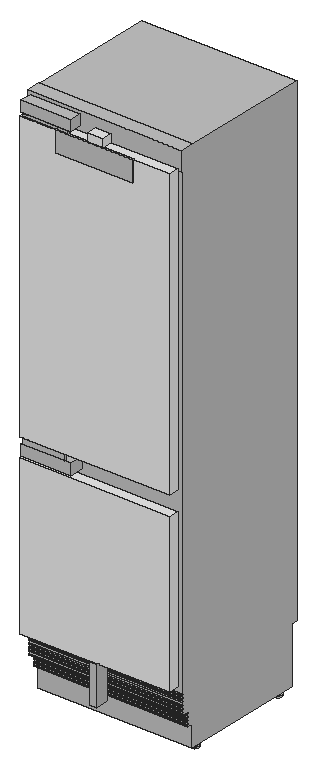
Revit family "FP-Revit18-RS2484WLUK1-FridgeFreezer-0-CA-US-90001068A", category Specialty Equipment, Revit 2020 (continued)
Definition of nested family "Handle Professional Round - Vertical"
  Automatic sketch dimensions
    Sweep 4 sketch curve to profile plane = 0 mm  (x2)
    Sweep 4 sketch curve to profile plane = 3 mm  (x2)
    Sweep 5 sketch curve to profile plane = 0 mm  (x2)
    Sweep 5 sketch curve to profile plane = 3 mm  (x2)
    Extrusion 6 sketch curve to plane 3 "Center (Left/Right)" = 0 mm
    Extrusion 6 sketch curve to plane 3 "Center (Left/Right)" = 18.5 mm
    plane 1 "Center (Front/Back)" to Extrusion 6 sketch curve = 41.7 mm
    Extrusion 6 sketch curve to Extrusion 6 sketch curve = 41.7 mm
    Extrusion 7 sketch curve to plane 3 "Center (Left/Right)" = 0 mm
    Extrusion 7 sketch curve to plane 3 "Center (Left/Right)" = 18.5 mm
    plane 1 "Center (Front/Back)" to Extrusion 7 sketch curve = 41.7 mm
    Extrusion 7 sketch curve to Extrusion 7 sketch curve = 41.7 mm
    radius of Extrusion 3 sketch curve = 12.7 mm
Definition of nested family "Handle Professional Round Flush - Vertical"
  Parameters (values of type "AHP3-RD84 - Professional round flush handle (Vertical) 677mm")
    URL = "www.fisherpaykel.com"
    Material - Handle = none
    Manufacturer = "Fisher & Paykel Appliances"
    Handle - Length = 677 mm
    Default Elevation = 0 mm
  Types (4): name
    (no name)
    AHP3RD2484W - Professional round flush handle (1 of 2) (Vertical) 677mm
    AHP3RD3084W - Professional round flush handle (1 of 2) (Vertical) 677mm
    AHP3-RD84 - Professional round flush handle (Vertical) 677mm
  Reference planes
    plane 1 "Center (Front/Back)": y = 0
    plane 2: z = 0
    plane 3 "Center (Left/Right)": x = 0
    plane 4 "Top": z = 338.5
    plane 5 "Bottom": z = -338.5
    plane 6 "Top Standoff": z = 303.5
    plane 7 "Bottom Standoff": z = -303.5
  Forms (mm)
    Extrusion 1, solid, material <- "Material - Handle", detail levels fine
      sketch origin (0, 0, 0) x (1, 0, 0) y (0, 1, 0)
        loop
          arc (-12.817, -46.665) -> (0, -58.016) -> (12.817, -46.665) r 12.912
          line (12.817, -46.665) -> (18.5, 0) -> (-18.5, 0) -> (-12.817, -46.665)
      from 303.5 to 338.5
    Extrusion 2, solid, material <- "Material - Handle", detail levels fine
      sketch origin (0, 0, 0) x (1, 0, 0) y (0, 1, 0)
        loop
          arc (-12.817, -46.665) -> (0, -58.016) -> (12.817, -46.665) r 12.912
          line (12.817, -46.665) -> (18.5, 0) -> (-18.5, 0) -> (-12.817, -46.665)
      from -338.5 to -303.5
    Extrusion 3, solid, material <- "Material - Handle"
      sketch origin (0, 0, 0) x (1, 0, 0) y (0, 1, 0)
        loop
          circle (0, -45.116) r 12.7
      from -303.5 to 303.5
    Sweep 4, void
      path in 3D
        loop
          line (18.5, 0, 338.5) -> (12.817, -46.665, 338.5)
          arc (12.817, -46.665, 338.5) -> (0, -58.016, 338.5) -> (-12.817, -46.665, 338.5) r 12.912
          line (-12.817, -46.665, 338.5) -> (-18.5, 0, 338.5)
      profile origin (0, -58.016, 338.5) x (0, -1, 0) y (0, 0, 1)
        loop
          line (0, 0) -> (-1.5, 0) -> (0, -1.5) -> (0, 0)
    Sweep 5, void
      path in 3D
        loop
          line (-18.5, 0, -338.5) -> (-12.817, -46.665, -338.5)
          arc (-12.817, -46.665, -338.5) -> (0, -58.016, -338.5) -> (12.817, -46.665, -338.5) r 12.912
          line (12.817, -46.665, -338.5) -> (18.5, 0, -338.5)
      profile origin (0, -58.016, -338.5) x (0, -1, 0) y (0, 0, -1)
        loop
          line (0, 0) -> (-1.5, 0) -> (0, -1.5) -> (0, 0)
    Extrusion 6, solid, material <- "Material - Handle", detail levels coarse+medium
      sketch origin (0, 0, 0) x (1, 0, 0) y (0, 1, 0)
        loop
          arc (-12.817, -46.665) -> (0, -58.016) -> (12.817, -46.665) r 12.912
          line (12.817, -46.665) -> (18.5, 0) -> (-18.5, 0) -> (-12.817, -46.665)
      from 303.5 to 338.5
    Extrusion 7, solid, material <- "Material - Handle", detail levels coarse+medium
      sketch origin (0, 0, 0) x (1, 0, 0) y (0, 1, 0)
        loop
          arc (-12.817, -46.665) -> (0, -58.016) -> (12.817, -46.665) r 12.912
          line (12.817, -46.665) -> (18.5, 0) -> (-18.5, 0) -> (-12.817, -46.665)
      from -338.5 to -303.5
  Cuts and joins
    Sweep 4 cuts Extrusion 1
    Sweep 5 cuts Extrusion 2
  Lines and regions (mm)
    sketch lines
      curve 1: arc (12.817, -46.665, 338.5) -> (0, -58.016, 338.5) -> (-12.817, -46.665, 338.5) r 12.912
      curve 2: line (12.817, -46.665, 338.5) -> (18.5, 0, 338.5)
      curve 3: line (-18.5, 0, 338.5) -> (-12.817, -46.665, 338.5)
      curve 4: arc (-12.817, -46.665, -338.5) -> (0, -58.016, -338.5) -> (12.817, -46.665, -338.5) r 12.912
      curve 5: line (18.5, 0, -338.5) -> (12.817, -46.665, -338.5)
      curve 6: line (-12.817, -46.665, -338.5) -> (-18.5, 0, -338.5)
  Dimensions and locks
    equal spacing: plane 4 "Top", level, plane 5 "Bottom"
    "Handle - Length": plane 4 "Top" to plane 5 "Bottom"
    aligned and locked: level to plane 2
    aligned and locked: plane 4 "Top" to Extrusion 1
    aligned and locked: Extrusion 1 to plane 6 "Top Standoff"
    aligned and locked: Extrusion 2 to plane 5 "Bottom"
    aligned and locked: plane 1 "Center (Front/Back)" to Extrusion 2 sketch curve
    aligned and locked: plane 6 "Top Standoff" to Extrusion 3
    aligned and locked: Extrusion 3 to plane 7 "Bottom Standoff"
  Automatic sketch dimensions
    plane 1 "Center (Front/Back)" to Extrusion 1 sketch curve = 0 mm
    Extrusion 1 sketch curve to plane 3 "Center (Left/Right)" = 0 mm
    Extrusion 1 sketch curve to plane 3 "Center (Left/Right)" = 12.817 mm
    Extrusion 1 sketch curve to plane 3 "Center (Left/Right)" = 18.5 mm
    plane 3 "Center (Left/Right)" to Extrusion 1 sketch curve = 12.817 mm
    plane 3 "Center (Left/Right)" to Extrusion 1 sketch curve = 18.5 mm
    plane 1 "Center (Front/Back)" to Extrusion 1 sketch curve = 45.104 mm
    Extrusion 1 sketch curve to Extrusion 1 sketch curve = 1.561 mm
    Extrusion 2 sketch curve to plane 3 "Center (Left/Right)" = 0 mm
    Extrusion 2 sketch curve to plane 3 "Center (Left/Right)" = 12.817 mm
    Extrusion 2 sketch curve to plane 3 "Center (Left/Right)" = 18.5 mm
    plane 3 "Center (Left/Right)" to Extrusion 2 sketch curve = 12.817 mm
    plane 3 "Center (Left/Right)" to Extrusion 2 sketch curve = 18.5 mm
    plane 1 "Center (Front/Back)" to Extrusion 2 sketch curve = 45.104 mm
    Extrusion 2 sketch curve to Extrusion 2 sketch curve = 1.561 mm
    Extrusion 3 sketch curve to plane 3 "Center (Left/Right)" = 0 mm
    plane 1 "Center (Front/Back)" to Extrusion 3 sketch curve = 45.116 mm
    Sweep 4 sketch curve to profile plane = 0 mm  (x2)
    profile plane to Sweep 4 sketch curve = 1.5 mm
    Sweep 4 sketch curve to profile plane = 1.5 mm
    profile plane to Sweep 5 sketch curve = 0 mm
    Sweep 5 sketch curve to profile plane = 0 mm
    profile plane to Sweep 5 sketch curve = 1.5 mm
    Sweep 5 sketch curve to profile plane = 1.5 mm
    Extrusion 6 sketch curve to plane 3 "Center (Left/Right)" = 0 mm
    Extrusion 6 sketch curve to plane 3 "Center (Left/Right)" = 12.817 mm
    Extrusion 6 sketch curve to plane 3 "Center (Left/Right)" = 18.5 mm
    plane 3 "Center (Left/Right)" to Extrusion 6 sketch curve = 12.817 mm
    plane 3 "Center (Left/Right)" to Extrusion 6 sketch curve = 18.5 mm
    plane 1 "Center (Front/Back)" to Extrusion 6 sketch curve = 46.665 mm
    Extrusion 6 sketch curve to Extrusion 6 sketch curve = 1.561 mm
    Extrusion 6 sketch curve to Extrusion 6 sketch curve = 46.665 mm
    Extrusion 7 sketch curve to plane 3 "Center (Left/Right)" = 0 mm
    Extrusion 7 sketch curve to plane 3 "Center (Left/Right)" = 12.817 mm
    Extrusion 7 sketch curve to plane 3 "Center (Left/Right)" = 18.5 mm
    plane 3 "Center (Left/Right)" to Extrusion 7 sketch curve = 12.817 mm
    plane 3 "Center (Left/Right)" to Extrusion 7 sketch curve = 18.5 mm
    plane 1 "Center (Front/Back)" to Extrusion 7 sketch curve = 46.665 mm
    Extrusion 7 sketch curve to Extrusion 7 sketch curve = 1.561 mm
    Extrusion 7 sketch curve to Extrusion 7 sketch curve = 46.665 mm
    radius of Extrusion 3 sketch curve = 12.7 mm
Definition of nested family "Handle Professional Square - Vertical"
  Parameters (values of type "AHV2RS3272A - Professional square handle (1 of 2) (Vertical) 727mm")
    URL = "www.fisherpaykel.com"
    Material - Handle = none
    Manufacturer = "Fisher & Paykel Appliances"
    Handle - Length = 727 mm
    Default Elevation = 0 mm
  Types (5, lengths in mm): name | Handle - Length
    (no name) | 727
    AHV2RD2484W - Professional square handle (1 of 2) (Vertical) 727mm | 727
    AHV2RD3084W - Professional square handle (1 of 2) (Vertical) 727mm | 727
    AHV2-RD84 - Professional square handle (Vertical) 792mm | 792
    AHV2RS3272A - Professional square handle (1 of 2) (Vertical) 727mm | 727
  Reference planes
    plane 1 "Center (Front/Back)": y = 0
    plane 2: z = 0
    plane 3 "Center (Left/Right)": x = 0
    plane 4 "Top": z = 363.5
    plane 5 "Bottom": z = -363.5
    plane 6 "Top Standoff": z = 313.5
    plane 7 "Bottom Standoff": z = -313.5
  Forms (mm)
    Extrusion 1, solid, material <- "Material - Handle", detail levels fine
      sketch origin (0, 0, 0) x (0, 1, 0) y (0, 0, 1)
        loop
          line (0, 363.5) -> (-40, 363.5)
          arc (-40, 363.5) -> (-47.071, 360.571) -> (-50, 353.5) r 10
          line (-50, 353.5) -> (-50, 313.5) -> (0, 313.5) -> (0, 363.5)
        loop
          line (0, -363.5) -> (0, -313.5) -> (-50, -313.5) -> (-50, -353.5)
          arc (-50, -353.5) -> (-47.071, -360.571) -> (-40, -363.5) r 10
          line (-40, -363.5) -> (0, -363.5)
      from -17.5 to 17.5
    Sweep 2, void
      path in 3D
        loop
          line (17.5, 0, 363.5) -> (17.5, -40, 363.5)
          arc (17.5, -40, 363.5) -> (17.5, -47.071, 360.571) -> (17.5, -50, 353.5) r 10
          line (17.5, -50, 353.5) -> (17.5, -50, 313.5)
      profile origin (17.5, -20, 363.5) x (1, 0, 0) y (0, 0, 1)
        loop
          line (0, 0) -> (-2.5, 0) -> (0, -2.5) -> (0, 0)
    Sweep 3, void
      path in 3D
        loop
          line (-17.5, -50, 313.5) -> (-17.5, -50, 353.5)
          arc (-17.5, -50, 353.5) -> (-17.5, -47.071, 360.571) -> (-17.5, -40, 363.5) r 10
          line (-17.5, -40, 363.5) -> (-17.5, 0, 363.5)
      profile origin (-17.5, -20, 363.5) x (-1, 0, 0) y (0, 0, 1)
        loop
          line (0, 0) -> (-2.5, 0) -> (0, -2.5) -> (0, 0)
    Sweep 4, void
      path in 3D
        loop
          line (17.5, -50, -313.5) -> (17.5, -50, -353.5)
          arc (17.5, -50, -353.5) -> (17.5, -47.071, -360.571) -> (17.5, -40, -363.5) r 10
          line (17.5, -40, -363.5) -> (17.5, 0, -363.5)
      profile origin (17.5, -20, -363.5) x (1, 0, 0) y (0, 0, -1)
        loop
          line (0, 0) -> (-2.5, 0) -> (0, -2.5) -> (0, 0)
    Sweep 5, void
      path in 3D
        loop
          line (-17.5, 0, -363.5) -> (-17.5, -40, -363.5)
          arc (-17.5, -40, -363.5) -> (-17.5, -47.071, -360.571) -> (-17.5, -50, -353.5) r 10
          line (-17.5, -50, -353.5) -> (-17.5, -50, -313.5)
      profile origin (-17.5, -20, -363.5) x (-1, 0, 0) y (0, 0, -1)
        loop
          line (0, 0) -> (-2.5, 0) -> (0, -2.5) -> (0, 0)
    Extrusion 6, solid, material <- "Material - Handle", detail levels fine
      sketch origin (0, 0, 0) x (1, 0, 0) y (0, 1, 0)
        loop
          line (-15.5, -36.737) -> (-15.5, -46.422) -> (-14.172, -47.75) -> (14.172, -47.75) -> (15.5, -46.422) -> (15.5, -36.737)
          arc (15.5, -36.737) -> (0, -32.25) -> (-15.5, -36.737) r 29.013
      from -313.5 to 313.5
    Extrusion 7, solid, material <- "Material - Handle", detail levels coarse+medium
      sketch origin (0, 0, 0) x (0, 1, 0) y (0, 0, 1)
        loop
          line (0, 363.5) -> (-40, 363.5)
          arc (-40, 363.5) -> (-47.071, 360.571) -> (-50, 353.5) r 10
          line (-50, 353.5) -> (-50, -353.5)
          arc (-50, -353.5) -> (-47.071, -360.571) -> (-40, -363.5) r 10
          line (-40, -363.5) -> (0, -363.5) -> (0, -313.5) -> (-31.95, -313.5) -> (-31.95, 313.5) -> (0, 313.5) -> (0, 363.5)
      from -17.5 to 17.5
  Cuts and joins
    Sweep 2, Sweep 3, Sweep 4, Sweep 5 cuts Extrusion 1
  Lines and regions (mm)
    sketch lines
      curve 1: line (17.5, 0, 363.5) -> (17.5, -40, 363.5)
      curve 2: arc (17.5, -50, 353.5) -> (17.5, -47.071, 360.571) -> (17.5, -40, 363.5) r 10
      curve 3: line (17.5, -50, 353.5) -> (17.5, -50, 313.5)
      curve 4: line (-17.5, -40, 363.5) -> (-17.5, 0, 363.5)
      curve 5: arc (-17.5, -40, 363.5) -> (-17.5, -47.071, 360.571) -> (-17.5, -50, 353.5) r 10
      curve 6: line (-17.5, -50, 313.5) -> (-17.5, -50, 353.5)
      curve 7: line (17.5, -40, -363.5) -> (17.5, 0, -363.5)
      curve 8: arc (17.5, -40, -363.5) -> (17.5, -47.071, -360.571) -> (17.5, -50, -353.5) r 10
      curve 9: line (17.5, -50, -313.5) -> (17.5, -50, -353.5)
      curve 10: line (-17.5, 0, -363.5) -> (-17.5, -40, -363.5)
      curve 11: arc (-17.5, -50, -353.5) -> (-17.5, -47.071, -360.571) -> (-17.5, -40, -363.5) r 10
      curve 12: line (-17.5, -50, -353.5) -> (-17.5, -50, -313.5)
  Dimensions and locks
    equal spacing: plane 4 "Top", level, plane 5 "Bottom"
    "Handle - Length": plane 4 "Top" to plane 5 "Bottom"
    plane 7 "Bottom Standoff" to plane 5 "Bottom" = 50 mm
    plane 4 "Top" to plane 6 "Top Standoff" = 50 mm
    aligned and locked: level to plane 2
    aligned and locked: plane 4 "Top" to Extrusion 1 sketch curve
    aligned and locked: plane 5 "Bottom" to Extrusion 1 sketch curve
    aligned and locked: Extrusion 1 sketch curve to plane 1 "Center (Front/Back)"
    aligned and locked: plane 1 "Center (Front/Back)" to Extrusion 1 sketch curve
    aligned and locked: plane 6 "Top Standoff" to Extrusion 1 sketch curve
    aligned and locked: plane 7 "Bottom Standoff" to Extrusion 1 sketch curve
    aligned and locked: plane 6 "Top Standoff" to Extrusion 6
    aligned and locked: Extrusion 6 to plane 7 "Bottom Standoff"
    aligned and locked: plane 4 "Top" to Extrusion 7 sketch curve
    aligned and locked: plane 6 "Top Standoff" to Extrusion 7 sketch curve
    aligned and locked: plane 1 "Center (Front/Back)" to Extrusion 7 sketch curve
    aligned and locked: plane 7 "Bottom Standoff" to Extrusion 7 sketch curve
    aligned and locked: plane 5 "Bottom" to Extrusion 7 sketch curve
    aligned and locked: Extrusion 7 sketch curve to plane 1 "Center (Front/Back)"
  Automatic sketch dimensions
    Sweep 2 sketch curve to profile plane = 0 mm
    profile plane to Sweep 2 sketch curve = 0 mm
    profile plane to Sweep 2 sketch curve = 2.5 mm
    Sweep 2 sketch curve to profile plane = 2.5 mm
    Sweep 3 sketch curve to profile plane = 0 mm  (x2)
    profile plane to Sweep 3 sketch curve = 2.5 mm
    Sweep 3 sketch curve to profile plane = 2.5 mm
    Sweep 4 sketch curve to profile plane = 0 mm
    profile plane to Sweep 4 sketch curve = 0 mm
    profile plane to Sweep 4 sketch curve = 2.5 mm
    Sweep 4 sketch curve to profile plane = 2.5 mm
    Sweep 5 sketch curve to profile plane = 0 mm  (x2)
    profile plane to Sweep 5 sketch curve = 2.5 mm
    Sweep 5 sketch curve to profile plane = 2.5 mm
    plane 1 "Center (Front/Back)" to Extrusion 1 sketch curve = 40 mm  (x2)
    Extrusion 1 sketch curve to Extrusion 1 sketch curve = 10 mm  (x2)
    Extrusion 6 sketch curve to plane 3 "Center (Left/Right)" = 0 mm
    Extrusion 6 sketch curve to Extrusion 6 sketch curve = 1.328 mm  (x4)
    plane 1 "Center (Front/Back)" to Extrusion 6 sketch curve = 61.263 mm
    Extrusion 6 sketch curve to Extrusion 6 sketch curve = 13.513 mm
    Extrusion 6 sketch curve to Extrusion 6 sketch curve = 9.684 mm  (x2)
    Extrusion 6 sketch curve to plane 3 "Center (Left/Right)" = 14.172 mm
    plane 1 "Center (Front/Back)" to Extrusion 7 sketch curve = 31.95 mm
    plane 1 "Center (Front/Back)" to Extrusion 7 sketch curve = 40 mm  (x2)
    Extrusion 7 sketch curve to plane 4 "Top" = 10 mm
Definition of nested family "Handle Contemporary Round - Horizontal"
  Parameters (values of type "AHSRS80A - Contemporary round handle (2 of 2) (Horizontal) 646mm")
    URL = "www.fisherpaykel.com"
    Product - Width = 646 mm
    Material - Handle = none
    Manufacturer = "Fisher & Paykel Appliances"
    Default Elevation = 0 mm
  Types (5, lengths in mm): name | Product - Width
    (no name) | 646
    AHSRD2484W - Contemporary round handle (2 of 2) (Horizontal) 494mm | 494
    AHSRD3084W - Contemporary round handle (2 of 2) (Horizontal) 646mm | 646
    AHSRS3272A - Contemporary round handle (2 of 2) (Horizontal) 646mm | 646
    AHSRS80A - Contemporary round handle (2 of 2) (Horizontal) 646mm | 646
  Reference planes
    plane 1 "Center (Front/Back)": y = 0
    plane 2: z = 0
    plane 3 "Center (Left/Right)": x = 0
    plane 4 "Product LHS": x = -323
    plane 5 "Product RHS": x = 323
    plane 6 "LHS Standoff": x = -202.995
    plane 7 "RHS Standoff": x = 203.005
  Forms (mm)
    Extrusion 1, solid, material <- "Material - Handle"
      sketch origin (0, 0, 0) x (0, 1, 0) y (0, 0, 1)
        loop
          circle (-32.3, 0) r 8.7
      from -202.995 to 203.005
    Extrusion 2, solid, material <- "Material - Handle", detail levels fine
      sketch origin (0, 0, 0) x (0, 1, 0) y (0, 0, 1)
        loop
          line (0, 8.7) -> (-32.3, 8.7)
          arc (-32.3, 8.7) -> (-41, 0) -> (-32.3, -8.7) r 8.7
          line (-32.3, -8.7) -> (0, -8.7) -> (0, 8.7)
      from 203.005 to 323
    Extrusion 3, solid, material <- "Material - Handle", detail levels fine
      sketch origin (0, 0, 0) x (0, 1, 0) y (0, 0, -1)
        loop
          line (0, -8.7) -> (0, 8.7) -> (-32.3, 8.7)
          arc (-32.3, 8.7) -> (-41, 0) -> (-32.3, -8.7) r 8.7
          line (-32.3, -8.7) -> (0, -8.7)
      from 202.995 to 323
    Sweep 4, void
      path in 3D
        loop
          line (323, 0, 8.7) -> (323, -32.3, 8.7)
          arc (323, -32.3, 8.7) -> (323, -41, 0) -> (323, -32.3, -8.7) r 8.7
          line (323, -32.3, -8.7) -> (323, 0, -8.7)
      profile origin (323, -16.15, 8.7) x (1, 0, 0) y (0, 0, 1)
        loop
          line (0, 0) -> (-1, 0) -> (0, -1) -> (0, 0)
    Sweep 5, void
      path in 3D
        loop
          line (-323, 0, -8.7) -> (-323, -32.3, -8.7)
          arc (-323, -32.3, -8.7) -> (-323, -41, 0) -> (-323, -32.3, 8.7) r 8.7
          line (-323, -32.3, 8.7) -> (-323, 0, 8.7)
      profile origin (-323, -16.15, 8.7) x (-1, 0, 0) y (0, 0, 1)
        loop
          line (0, 0) -> (-1, 0) -> (0, -1) -> (0, 0)
    Extrusion 6, solid, material <- "Material - Handle", detail levels coarse+medium
      sketch origin (0, 0, 0) x (0, 1, 0) y (0, 0, 1)
        loop
          line (0, 8.7) -> (-32.3, 8.7)
          arc (-32.3, 8.7) -> (-41, 0) -> (-32.3, -8.7) r 8.7
          line (-32.3, -8.7) -> (0, -8.7) -> (0, 8.7)
      from 203.005 to 323
    Extrusion 7, solid, material <- "Material - Handle", detail levels coarse+medium
      sketch origin (0, 0, 0) x (0, 1, 0) y (0, 0, -1)
        loop
          line (0, -8.7) -> (0, 8.7) -> (-32.3, 8.7)
          arc (-32.3, 8.7) -> (-41, 0) -> (-32.3, -8.7) r 8.7
          line (-32.3, -8.7) -> (0, -8.7)
      from 202.995 to 323
  Cuts and joins
    Sweep 4 cuts Extrusion 2
    Sweep 5 cuts Extrusion 3
  Lines and regions (mm)
    sketch lines
      curve 1: line (323, 0, 8.7) -> (323, -32.3, 8.7)
      curve 2: arc (323, -32.3, -8.7) -> (323, -41, 0) -> (323, -32.3, 8.7) r 8.7
      curve 3: line (323, -32.3, -8.7) -> (323, 0, -8.7)
      curve 4: line (-323, -32.3, 8.7) -> (-323, 0, 8.7)
      curve 5: arc (-323, -32.3, 8.7) -> (-323, -41, 0) -> (-323, -32.3, -8.7) r 8.7
      curve 6: line (-323, 0, -8.7) -> (-323, -32.3, -8.7)
  Dimensions and locks
    equal spacing: plane 4 "Product LHS", plane 3 "Center (Left/Right)", plane 5 "Product RHS"
    "Product - Width": plane 4 "Product LHS" to plane 5 "Product RHS"
    locked: plane 4 "Product LHS" to plane 6 "LHS Standoff" at 120.005
    locked: plane 7 "RHS Standoff" to plane 5 "Product RHS" at 119.995
    equal spacing: Extrusion 2 sketch curve, level, Extrusion 2 sketch curve
    Extrusion 3 sketch curve to Extrusion 3 sketch curve = 17.4 mm
    Extrusion 6 sketch curve to Extrusion 6 sketch curve = 17.4 mm
    Extrusion 7 sketch curve to Extrusion 7 sketch curve = 17.4 mm
    aligned and locked: level to plane 2
    aligned and locked: plane 7 "RHS Standoff" to Extrusion 1
    aligned and locked: Extrusion 2 to Extrusion 1
    aligned and locked: Extrusion 2 to plane 5 "Product RHS"
    aligned and locked: plane 4 "Product LHS" to Extrusion 3
    aligned and locked: plane 6 "LHS Standoff" to Extrusion 3
    aligned and locked: Extrusion 1 to plane 6 "LHS Standoff"
    aligned and locked: Extrusion 6 to Extrusion 1
    aligned and locked: Extrusion 6 to plane 5 "Product RHS"
    aligned and locked: plane 4 "Product LHS" to Extrusion 7
    aligned and locked: Extrusion 7 to Extrusion 1
  Automatic sketch dimensions
    Extrusion 1 sketch curve to level = 0 mm
    plane 1 "Center (Front/Back)" to Extrusion 1 sketch curve = 32.3 mm
    Extrusion 2 sketch curve to plane 1 "Center (Front/Back)" = 0 mm
    Extrusion 2 sketch curve to level = 8.7 mm
    plane 1 "Center (Front/Back)" to Extrusion 2 sketch curve = 32.3 mm
    Extrusion 3 sketch curve to level = 0 mm
    Extrusion 3 sketch curve to plane 1 "Center (Front/Back)" = 0 mm
    Extrusion 3 sketch curve to level = 8.7 mm
    plane 1 "Center (Front/Back)" to Extrusion 3 sketch curve = 32.3 mm
    Sweep 4 sketch curve to profile plane = 0 mm
    profile plane to Sweep 4 sketch curve = 0 mm
    profile plane to Sweep 4 sketch curve = 1 mm
    Sweep 4 sketch curve to profile plane = 1 mm
    Sweep 5 sketch curve to profile plane = 0 mm  (x2)
    profile plane to Sweep 5 sketch curve = 1 mm
    Sweep 5 sketch curve to profile plane = 1 mm
    Extrusion 6 sketch curve to level = 0 mm
    level to Extrusion 6 sketch curve = 8.7 mm
    plane 1 "Center (Front/Back)" to Extrusion 6 sketch curve = 32.3 mm
    Extrusion 6 sketch curve to Extrusion 6 sketch curve = 32.3 mm
    Extrusion 7 sketch curve to level = 0 mm
    level to Extrusion 7 sketch curve = 8.7 mm
    plane 1 "Center (Front/Back)" to Extrusion 7 sketch curve = 32.3 mm
    Extrusion 7 sketch curve to Extrusion 7 sketch curve = 32.3 mm
    radius of Extrusion 1 sketch curve = 8.7 mm
Definition of nested family "Handle Contemporary Square - Horizontal"
  Parameters (values of type "AHD3RD3084W - Contemporary square handle (2 of 2) (Horizontal) 646mm")
    URL = "www.fisherpaykel.com"
    Material - Handle = none
    Manufacturer = "Fisher & Paykel Appliances"
    Handle - Length = 646 mm
    Default Elevation = 0 mm
  Types (5, lengths in mm): name | Handle - Length
    (no name) | 646
    AHD3RD2484W - Contemporary square handle (2 of 2) (Horizontal) 494mm | 494
    AHD3RD3084W - Contemporary square handle (2 of 2) (Horizontal) 646mm | 646
    AHD3RS3272A - Contemporary square handle (2 of 2) (Horizontal) 646mm | 646
    AHD3RS80A - Contemporary square handle (2 of 2) (Horizontal) 646mm | 646
  Reference planes
    plane 1 "Center (Front/Back)": y = 0
    plane 2: z = 0
    plane 3 "Center (Left/Right)": x = 0
    plane 4 "Product LHS": x = -323
    plane 5 "Product RHS": x = 323
    plane 6 "LHS Standoff": x = -202.995
    plane 7 "RHS Standoff": x = 203.005
  Forms (mm)
    Extrusion 1, solid, material <- "Material - Handle", detail levels fine
      sketch origin (0, 0, 0) x (0, 1, 0) y (0, 0, 1)
        loop
          arc (-28.701, 7.561) -> (-29.057, 7.868) -> (-29.514, 7.978) r 1
          line (-29.514, 7.978) -> (-40.5, 7.978)
          arc (-40.5, 7.978) -> (-41.561, 7.539) -> (-42, 6.478) r 1.5
          line (-42, 6.478) -> (-42, -6.522)
          arc (-42, -6.522) -> (-41.561, -7.583) -> (-40.5, -8.022) r 1.5
          line (-40.5, -8.022) -> (-29.487, -8.022)
          arc (-29.487, -8.022) -> (-29.029, -7.911) -> (-28.673, -7.602) r 1
          arc (-28.673, -7.602) -> (-26.256, -0.016) -> (-28.701, 7.561) r 13.038
      from -323 to 323
    Extrusion 2, solid, material <- "Material - Handle", detail levels fine
      sketch origin (0, 0, 0) x (0, 1, 0) y (0, 0, 1)
        loop
          arc (-28.23, 7.062) -> (-26.156, 0.008) -> (-28.198, -7.056) r 13.136
          arc (-28.198, -7.056) -> (-28.21, -7.463) -> (-27.86, -7.67) r 0.4
          line (-27.86, -7.67) -> (0, -7.67) -> (0, 7.678) -> (-27.893, 7.678)
          arc (-27.893, 7.678) -> (-28.244, 7.47) -> (-28.23, 7.062) r 0.4
      from 203.005 to 323
    Extrusion 3, solid, material <- "Material - Handle", detail levels fine
      sketch origin (0, 0, 0) x (0, 1, 0) y (0, 0, -1)
        loop
          arc (-28.23, -7.062) -> (-28.244, -7.47) -> (-27.893, -7.678) r 0.4
          line (-27.893, -7.678) -> (0, -7.678) -> (0, 7.67) -> (-27.86, 7.67)
          arc (-27.86, 7.67) -> (-28.21, 7.463) -> (-28.198, 7.056) r 0.4
          arc (-28.198, 7.056) -> (-26.156, -0.008) -> (-28.23, -7.062) r 13.136
      from 202.995 to 323
    Sweep 4, void
      path in 3D
        loop
          line (323, -29.514, 7.978) -> (323, -40.5, 7.978)
          arc (323, -40.5, 7.978) -> (323, -41.561, 7.539) -> (323, -42, 6.478) r 1.5
          line (323, -42, 6.478) -> (323, -42, -6.522)
          arc (323, -42, -6.522) -> (323, -41.561, -7.583) -> (323, -40.5, -8.022) r 1.5
          line (323, -40.5, -8.022) -> (323, -29.487, -8.022)
      profile origin (323, -35.007, 7.978) x (1, 0, 0) y (0, 0, 1)
        loop
          line (0, 0) -> (-1.3, 0) -> (0, -1.3) -> (0, 0)
    Sweep 5, void
      path in 3D
        loop
          line (-323, -29.487, -8.022) -> (-323, -40.5, -8.022)
          arc (-323, -40.5, -8.022) -> (-323, -41.561, -7.583) -> (-323, -42, -6.522) r 1.5
          line (-323, -42, -6.522) -> (-323, -42, 6.478)
          arc (-323, -42, 6.478) -> (-323, -41.561, 7.539) -> (-323, -40.5, 7.978) r 1.5
          line (-323, -40.5, 7.978) -> (-323, -29.514, 7.978)
      profile origin (-323, -35.007, 7.978) x (-1, 0, 0) y (0, 0, 1)
        loop
          line (0, 0) -> (-1.3, 0) -> (0, -1.3) -> (0, 0)
    Extrusion 6, void
      sketch origin (0, 0, 0) x (1, 0, 0) y (0, 0, 1)
        loop
          line (323, 7.978) -> (321.7, 7.978) -> (323, 6.678) -> (323, 7.978)
        loop
          line (323, -8.022) -> (323, -6.722) -> (321.7, -8.022) -> (323, -8.022)
      from 0 to 40
    Extrusion 7, void
      sketch origin (0, 0, 0) x (1, 0, 0) y (0, 0, 1)
        loop
          line (-323, 7.978) -> (-323, 6.678) -> (-321.7, 7.978) -> (-323, 7.978)
        loop
          line (-323, -8.022) -> (-321.7, -8.022) -> (-323, -6.722) -> (-323, -8.022)
      from 0 to 40
    Extrusion 8, solid, material <- "Material - Handle", detail levels coarse+medium
      sketch origin (0, 0, 0) x (1, 0, 0) y (0, 1, 0)
        loop
          line (-323, -42) -> (323, -42) -> (323, 0) -> (203.005, 0) -> (203.005, -26.156) -> (-202.995, -26.156) -> (-202.995, 0) -> (-323, 0) -> (-323, -42)
      from -8.022 to 7.978
  Cuts and joins
    Sweep 4, Sweep 5, Extrusion 6, Extrusion 7 cuts Extrusion 1
    Extrusion 6 cuts Extrusion 2
    Extrusion 7 cuts Extrusion 3
  Lines and regions (mm)
    sketch lines
      curve 1: line (323, -29.514, 7.978) -> (323, -40.5, 7.978)
      curve 2: arc (323, -42, 6.478) -> (323, -41.561, 7.539) -> (323, -40.5, 7.978) r 1.5
      curve 3: line (323, -42, 6.478) -> (323, -42, -6.522)
      curve 4: arc (323, -40.5, -8.022) -> (323, -41.561, -7.583) -> (323, -42, -6.522) r 1.5
      curve 5: line (323, -40.5, -8.022) -> (323, -29.487, -8.022)
      curve 6: line (-323, -40.5, 7.978) -> (-323, -29.514, 7.978)
      curve 7: arc (-323, -40.5, 7.978) -> (-323, -41.561, 7.539) -> (-323, -42, 6.478) r 1.5
      curve 8: line (-323, -42, -6.522) -> (-323, -42, 6.478)
      curve 9: arc (-323, -42, -6.522) -> (-323, -41.561, -7.583) -> (-323, -40.5, -8.022) r 1.5
      curve 10: line (-323, -29.487, -8.022) -> (-323, -40.5, -8.022)
  Dimensions and locks
    equal spacing: plane 4 "Product LHS", plane 3 "Center (Left/Right)", plane 5 "Product RHS"
    "Handle - Length": plane 4 "Product LHS" to plane 5 "Product RHS"
    locked: plane 4 "Product LHS" to plane 6 "LHS Standoff" at 120.005
    locked: plane 7 "RHS Standoff" to plane 5 "Product RHS" at 119.995
    aligned and locked: level to plane 2
    aligned and locked: Extrusion 1 to plane 5 "Product RHS"
    aligned and locked: plane 4 "Product LHS" to Extrusion 1
    aligned and locked: Extrusion 2 to plane 5 "Product RHS"
    aligned and locked: plane 4 "Product LHS" to Extrusion 3
    aligned and locked: plane 4 "Product LHS" to Extrusion 8 sketch curve
    aligned and locked: Extrusion 8 sketch curve to plane 5 "Product RHS"
    aligned and locked: Extrusion 8 sketch curve to plane 7 "RHS Standoff"
    aligned and locked: plane 6 "LHS Standoff" to Extrusion 8 sketch curve
    aligned and locked: Extrusion 2 to plane 7 "RHS Standoff"
    aligned and locked: plane 6 "LHS Standoff" to Extrusion 3
  Automatic sketch dimensions
    Extrusion 1 sketch curve to level = 6.522 mm
    plane 1 "Center (Front/Back)" to Extrusion 1 sketch curve = 42 mm
    Extrusion 1 sketch curve to Extrusion 1 sketch curve = 1.5 mm  (x2)
    Extrusion 1 sketch curve to level = 0.04 mm
    Extrusion 1 sketch curve to Extrusion 1 sketch curve = 1.206 mm
    level to Extrusion 1 sketch curve = 6.978 mm
    Extrusion 1 sketch curve to Extrusion 1 sketch curve = 10.986 mm
    Extrusion 1 sketch curve to Extrusion 1 sketch curve = 11.013 mm
    Extrusion 1 sketch curve to Extrusion 1 sketch curve = 1 mm
    level to Extrusion 1 sketch curve = 6.478 mm
    Extrusion 1 sketch curve to Extrusion 1 sketch curve = 0 mm
    Extrusion 2 sketch curve to plane 1 "Center (Front/Back)" = 0 mm
    Extrusion 2 sketch curve to level = 7.67 mm
    Extrusion 2 sketch curve to Extrusion 2 sketch curve = 27.86 mm
    level to Extrusion 2 sketch curve = 7.678 mm
    Extrusion 2 sketch curve to Extrusion 2 sketch curve = 0.033 mm
    Extrusion 2 sketch curve to level = 0.022 mm
    Extrusion 2 sketch curve to Extrusion 2 sketch curve = 11.398 mm
    Extrusion 2 sketch curve to Extrusion 2 sketch curve = 0.4 mm  (x2)
    Extrusion 2 sketch curve to Extrusion 2 sketch curve = 0 mm
    Extrusion 3 sketch curve to plane 1 "Center (Front/Back)" = 0 mm
    Extrusion 3 sketch curve to level = 7.67 mm
    Extrusion 3 sketch curve to Extrusion 3 sketch curve = 27.86 mm
    level to Extrusion 3 sketch curve = 7.678 mm
    Extrusion 3 sketch curve to Extrusion 3 sketch curve = 0.033 mm
    Extrusion 3 sketch curve to level = 0.022 mm
    Extrusion 3 sketch curve to Extrusion 3 sketch curve = 11.398 mm
    Extrusion 3 sketch curve to Extrusion 3 sketch curve = 0.4 mm  (x2)
    Extrusion 3 sketch curve to Extrusion 3 sketch curve = 0 mm
    profile plane to Sweep 4 sketch curve = 0 mm
    Sweep 4 sketch curve to profile plane = 0 mm
    Sweep 4 sketch curve to profile plane = 1.3 mm
    profile plane to Sweep 4 sketch curve = 1.3 mm
    Sweep 5 sketch curve to profile plane = 0 mm  (x2)
    profile plane to Sweep 5 sketch curve = 1.3 mm
    Sweep 5 sketch curve to profile plane = 1.3 mm
    plane 5 "Product RHS" to Extrusion 6 sketch curve = 0 mm  (x2)
    Extrusion 6 sketch curve to Extrusion 6 sketch curve = 1.3 mm  (x4)
    Extrusion 6 sketch curve to level = 6.722 mm
    level to Extrusion 6 sketch curve = 6.678 mm
    plane 4 "Product LHS" to Extrusion 7 sketch curve = 0 mm  (x2)
    Extrusion 7 sketch curve to plane 4 "Product LHS" = 1.3 mm  (x2)
    Extrusion 7 sketch curve to level = 8.022 mm
    level to Extrusion 7 sketch curve = 6.678 mm
    Extrusion 7 sketch curve to Extrusion 7 sketch curve = 1.3 mm  (x2)
    plane 1 "Center (Front/Back)" to Extrusion 8 sketch curve = 0 mm  (x2)
    Extrusion 8 sketch curve to Extrusion 8 sketch curve = 26.156 mm
    Extrusion 8 sketch curve to Extrusion 8 sketch curve = 42 mm
Definition of nested family "F&P Handle Kit - Contemporary Square Fine - Horizontal"
  Parameters (values of type "AHD5RD2484W - Contemporary square fine handle (2 of 2) (Horizontal) 494mm")
    URL = "www.fisherpaykel.com"
    Material - Handle = none
    Manufacturer = "Fisher & Paykel Appliances"
    Handle - Length = 494 mm
    Default Elevation = 0 mm
  Types (15, lengths in mm): name | Handle - Length
    (no name) | 494
    AHD5RD2484W - Contemporary square fine handle (2 of 2) (Horizontal) 494mm | 494
    AHD5RD2484WB - Contemporary square fine black handle (2 of 2) (Horizontal) 494mm | 494
    AHD5RD3084W - Contemporary square fine handle (2 of 2) (Horizontal) 646mm | 646
    AHD5RD3084WB - Contemporary square fine black handle (2 of 2) (Horizontal) 646mm | 646
    AHD5RD7621W - Contemporary square fine handle (2 of 2) (Horizontal) 646mm | 646
    AHD5RD7621WB - Contemporary square fine handle black (2 of 2) (Horizontal) 646mm | 646
    AHD5RD6121W - Contemporary square fine handle (2 of 2) (Horizontal) 494mm | 494
    AHD5RD6121WB - Contemporary square fine handle black (2 of 2) (Horizontal) 494mm | 494
    AHD5RD36A - Contemporary square fine handle (2 of 2) (Horizontal) 746mm | 746
    AHD5RD36AB - Contemporary square fine black handle (2 of 2) (Horizontal) 746mm | 746
    AHD5RD90A - Contemporary square fine handle (2 of 2) (Horizontal) 746mm | 746
    AHD5RD80A - Contemporary square fine handle (2 of 2) (Horizontal) 646mm | 646
    AHD5RD80AB - Contemporary square fine black handle (2 of 2) (Horizontal) 646mm | 646
    AHD5RD90AB - Contemporary square fine black handle (2 of 2) (Horizontal) 746mm | 746
  Reference planes
    plane 1 "Center (Front/Back)": y = 0
    plane 2: z = 0
    plane 3 "Center (Left/Right)": x = 0
    plane 4 "Product LHS": x = -247
    plane 5 "Product RHS": x = 247
    plane 6 "LHS Standoff": x = -126.995
    plane 7 "RHS Standoff": x = 127.005
  Forms (mm)
    Extrusion 1, solid, material <- "Material - Handle", detail levels fine
      sketch origin (0, 0, 0) x (0, 1, 0) y (0, 0, 1)
        loop
          arc (-26.813, 6.16) -> (-27.196, 6.554) -> (-27.728, 6.686) r 1
          line (-27.728, 6.686) -> (-40.035, 6.256)
          arc (-40.035, 6.256) -> (-40.719, 5.951) -> (-41, 5.257) r 1
          line (-41, 5.257) -> (-41, -5.257)
          arc (-41, -5.257) -> (-40.719, -5.951) -> (-40.035, -6.256) r 1
          line (-40.035, -6.256) -> (-27.709, -6.686)
          arc (-27.709, -6.686) -> (-27.175, -6.554) -> (-26.792, -6.158) r 1
          arc (-26.792, -6.158) -> (-25.256, 0.004) -> (-26.813, 6.16) r 13.038
      from -247 to 247
    Extrusion 2, solid, material <- "Material - Handle", detail levels fine
      sketch origin (0, 0, 0) x (0, 1, 0) y (0, 0, 1)
        loop
          arc (-26.626, -6.008) -> (-26.614, -6.49) -> (-26.2, -6.737) r 0.5
          line (-26.2, -6.737) -> (0, -7.696) -> (0, 7.704) -> (-26.174, 6.747)
          arc (-26.174, 6.747) -> (-26.587, 6.5) -> (-26.6, 6.019) r 0.5
          arc (-26.6, 6.019) -> (-25.156, 0.002) -> (-26.626, -6.008) r 13.136
      from 127.005 to 247
    Extrusion 3, solid, material <- "Material - Handle", detail levels coarse+medium
      sketch origin (0, 0, 0) x (1, 0, 0) y (0, 1, 0)
        loop
          line (-247, -42) -> (247, -42) -> (247, 0) -> (127.005, 0) -> (127.005, -26.156) -> (-126.995, -26.156) -> (-126.995, 0) -> (-247, 0) -> (-247, -42)
      from -8.022 to 7.978
    Extrusion 4, solid, material <- "Material - Handle", detail levels fine
      sketch origin (0, 0, 0) x (0, 1, 0) y (0, 0, 1)
        loop
          arc (-26.626, -6.008) -> (-26.614, -6.49) -> (-26.2, -6.737) r 0.5
          line (-26.2, -6.737) -> (0, -7.696) -> (0, 7.704) -> (-26.174, 6.747)
          arc (-26.174, 6.747) -> (-26.587, 6.5) -> (-26.6, 6.019) r 0.5
          arc (-26.6, 6.019) -> (-25.156, 0.002) -> (-26.626, -6.008) r 13.136
      from -247 to -126.995
  Dimensions and locks
    equal spacing: plane 4 "Product LHS", plane 3 "Center (Left/Right)", plane 5 "Product RHS"
    "Handle - Length": plane 4 "Product LHS" to plane 5 "Product RHS"
    locked: plane 4 "Product LHS" to plane 6 "LHS Standoff" at 120.005
    locked: plane 7 "RHS Standoff" to plane 5 "Product RHS" at 119.995
    aligned and locked: level to plane 2
    aligned and locked: Extrusion 1 to plane 5 "Product RHS"
    aligned and locked: plane 4 "Product LHS" to Extrusion 1
    aligned and locked: Extrusion 2 to plane 5 "Product RHS"
    aligned and locked: plane 4 "Product LHS" to Extrusion 3 sketch curve
    aligned and locked: Extrusion 3 sketch curve to plane 5 "Product RHS"
    aligned and locked: Extrusion 3 sketch curve to plane 7 "RHS Standoff"
    aligned and locked: plane 6 "LHS Standoff" to Extrusion 3 sketch curve
    aligned and locked: plane 4 "Product LHS" to Extrusion 4
    aligned and locked: plane 6 "LHS Standoff" to Extrusion 4
    aligned and locked: Extrusion 2 to plane 7 "RHS Standoff"
  Automatic sketch dimensions
    Extrusion 1 sketch curve to level = 5.257 mm
    plane 1 "Center (Front/Back)" to Extrusion 1 sketch curve = 41 mm
    level to Extrusion 1 sketch curve = 6.256 mm
    Extrusion 1 sketch curve to Extrusion 1 sketch curve = 0.965 mm  (x2)
    Extrusion 1 sketch curve to level = 6.256 mm
    Extrusion 1 sketch curve to Extrusion 1 sketch curve = 0.035 mm  (x3)
    Extrusion 1 sketch curve to level = 0.018 mm
    Extrusion 1 sketch curve to Extrusion 1 sketch curve = 1.706 mm
    level to Extrusion 1 sketch curve = 6.686 mm
    Extrusion 1 sketch curve to Extrusion 1 sketch curve = 12.307 mm
    Extrusion 1 sketch curve to level = 6.686 mm
    Extrusion 1 sketch curve to Extrusion 1 sketch curve = 12.326 mm
    Extrusion 1 sketch curve to Extrusion 1 sketch curve = 0.999 mm  (x2)
    Extrusion 1 sketch curve to Extrusion 1 sketch curve = 0 mm
    Extrusion 2 sketch curve to plane 1 "Center (Front/Back)" = 0 mm
    level to Extrusion 2 sketch curve = 6.247 mm
    plane 1 "Center (Front/Back)" to Extrusion 2 sketch curve = 26.155 mm
    level to Extrusion 2 sketch curve = 6.747 mm
    Extrusion 2 sketch curve to Extrusion 2 sketch curve = 0.018 mm  (x2)
    Extrusion 2 sketch curve to level = 6.238 mm
    Extrusion 2 sketch curve to Extrusion 2 sketch curve = 0.026 mm
    Extrusion 2 sketch curve to level = 6.737 mm
    level to Extrusion 2 sketch curve = 0.03 mm
    Extrusion 2 sketch curve to Extrusion 2 sketch curve = 12.11 mm
    Extrusion 2 sketch curve to level = 7.696 mm
    level to Extrusion 2 sketch curve = 7.704 mm
    Extrusion 2 sketch curve to Extrusion 2 sketch curve = 0 mm
    plane 1 "Center (Front/Back)" to Extrusion 3 sketch curve = 42 mm
    Extrusion 3 sketch curve to Extrusion 3 sketch curve = 15.844 mm
    Extrusion 3 sketch curve to Extrusion 3 sketch curve = 26.156 mm  (x2)
    level to Extrusion 4 sketch curve = 0.03 mm
    plane 1 "Center (Front/Back)" to Extrusion 4 sketch curve = 38.291 mm
    Extrusion 4 sketch curve to level = 6.737 mm
    Extrusion 4 sketch curve to Extrusion 4 sketch curve = 12.091 mm
    Extrusion 4 sketch curve to Extrusion 4 sketch curve = 0.018 mm  (x2)
    level to Extrusion 4 sketch curve = 6.747 mm
    Extrusion 4 sketch curve to Extrusion 4 sketch curve = 0.008 mm
    level to Extrusion 4 sketch curve = 7.704 mm
    Extrusion 4 sketch curve to Extrusion 4 sketch curve = 26.174 mm
    Extrusion 4 sketch curve to level = 7.696 mm
    Extrusion 4 sketch curve to Extrusion 4 sketch curve = 0.5 mm  (x2)
    Extrusion 4 sketch curve to Extrusion 4 sketch curve = 0 mm
Definition of nested family "Handle Professional Round - Horizontal"
  Parameters (values of type "AHCRD2484W - Professional round handle (2 of 2) (Horizontal) 428mm")
    URL = "www.fisherpaykel.com"
    Material - Standoff = none
    Material - Handle = none
    Manufacturer = "Fisher & Paykel Appliances"
    Handle - Length = 428 mm
    Default Elevation = 0 mm
  Types (4, lengths in mm): name | Handle - Length
    (no name) | 428
    AHCRD2484W - Professional round handle (2 of 2) (Horizontal) 428mm | 428
    AHCRD3084W - Professional round handle (2 of 2) (Horizontal) 580mm | 646
    AHCRS3272A - Professional round handle (2 of 2) (Horizontal) 580mm | 646
  Reference planes
    plane 1 "Center (Front/Back)": y = 0
    plane 2: z = 0
    plane 3 "Center (Left/Right)": x = 0
    plane 4 "Product LHS": x = -214
    plane 5 "Product RHS": x = 214
    plane 6 "LHS Standoff": x = -170
    plane 7 "RHS Standoff": x = 170
  Forms (mm)
    Extrusion 1, solid, material <- "Material - Standoff", detail levels fine
      sketch origin (0, 0, 0) x (0, 1, 0) y (0, 0, 1)
        loop
          line (0, 18.5) -> (-41.7, 18.5)
          arc (-41.7, 18.5) -> (-60.2, 0) -> (-41.7, -18.5) r 18.5
          line (-41.7, -18.5) -> (0, -18.5) -> (0, 18.5)
      from 170 to 214
    Extrusion 2, solid, material <- "Material - Standoff", detail levels fine
      sketch origin (0, 0, 0) x (0, 1, 0) y (0, 0, 1)
        loop
          line (0, 18.5) -> (-41.7, 18.5)
          arc (-41.7, 18.5) -> (-60.2, 0) -> (-41.7, -18.5) r 18.5
          line (-41.7, -18.5) -> (0, -18.5) -> (0, 18.5)
      from -214 to -170
    Sweep 3, void
      path in 3D
        loop
          line (214, 0, 18.5) -> (214, -41.7, 18.5)
          arc (214, -41.7, 18.5) -> (214, -60.2, 0) -> (214, -41.7, -18.5) r 18.5
          line (214, -41.7, -18.5) -> (214, 0, -18.5)
      profile origin (214, -20.85, 18.5) x (1, 0, 0) y (0, 0, 1)
        loop
          line (0, 0) -> (-3, 0) -> (0, -3) -> (0, 0)
    Sweep 4, void
      path in 3D
        loop
          line (-214, 0, -18.5) -> (-214, -41.7, -18.5)
          arc (-214, -41.7, -18.5) -> (-214, -60.2, 0) -> (-214, -41.7, 18.5) r 18.5
          line (-214, -41.7, 18.5) -> (-214, 0, 18.5)
      profile origin (-214, -20.85, 18.5) x (-1, 0, 0) y (0, 0, 1)
        loop
          line (0, 0) -> (-3, 0) -> (0, -3) -> (0, 0)
    Extrusion 5, solid, material <- "Material - Handle"
      sketch origin (0, -2.3, 0) x (0, 1, 0) y (0, 0, 1)
        loop
          circle (-39.4, 0) r 12.7
      from -170 to 170
    Extrusion 6, solid, material <- "Material - Standoff", detail levels coarse+medium
      sketch origin (0, 0, 0) x (0, 1, 0) y (0, 0, 1)
        loop
          line (0, 18.5) -> (-41.7, 18.5)
          arc (-41.7, 18.5) -> (-60.2, 0) -> (-41.7, -18.5) r 18.5
          line (-41.7, -18.5) -> (0, -18.5) -> (0, 18.5)
      from 214 to 170
    Extrusion 7, solid, material <- "Material - Standoff", detail levels coarse+medium
      sketch origin (0, 0, 0) x (0, 1, 0) y (0, 0, 1)
        loop
          line (0, 18.5) -> (-41.7, 18.5)
          arc (-41.7, 18.5) -> (-60.2, 0) -> (-41.7, -18.5) r 18.5
          line (-41.7, -18.5) -> (0, -18.5) -> (0, 18.5)
      from -170 to -214
  Cuts and joins
    Sweep 3 cuts Extrusion 1
    Sweep 4 cuts Extrusion 2
  Lines and regions (mm)
    sketch lines
      curve 1: line (214, 0, 18.5) -> (214, -41.7, 18.5)
      curve 2: arc (214, -41.7, -18.5) -> (214, -60.2, 0) -> (214, -41.7, 18.5) r 18.5
      curve 3: line (214, -41.7, -18.5) -> (214, 0, -18.5)
      curve 4: line (-214, -41.7, 18.5) -> (-214, 0, 18.5)
      curve 5: arc (-214, -41.7, 18.5) -> (-214, -60.2, 0) -> (-214, -41.7, -18.5) r 18.5
      curve 6: line (-214, 0, -18.5) -> (-214, -41.7, -18.5)
  Dimensions and locks
    equal spacing: plane 4 "Product LHS", plane 3 "Center (Left/Right)", plane 5 "Product RHS"
    "Handle - Length": plane 4 "Product LHS" to plane 5 "Product RHS"
    plane 4 "Product LHS" to plane 6 "LHS Standoff" = 44 mm
    plane 7 "RHS Standoff" to plane 5 "Product RHS" = 44 mm
    aligned and locked: level to plane 2
    aligned and locked: Extrusion 1 to plane 7 "RHS Standoff"
    aligned and locked: Extrusion 1 to plane 5 "Product RHS"
    aligned and locked: plane 4 "Product LHS" to Extrusion 2
    aligned and locked: plane 6 "LHS Standoff" to Extrusion 2
    aligned and locked: Extrusion 5 to plane 6 "LHS Standoff"
    aligned and locked: plane 7 "RHS Standoff" to Extrusion 5
    aligned and locked: plane 5 "Product RHS" to Extrusion 6
    aligned and locked: plane 7 "RHS Standoff" to Extrusion 6
    aligned and locked: Extrusion 7 to plane 4 "Product LHS"
    aligned and locked: Extrusion 7 to plane 6 "LHS Standoff"
  Automatic sketch dimensions
    Extrusion 1 sketch curve to level = 0 mm
    Extrusion 1 sketch curve to plane 1 "Center (Front/Back)" = 0 mm
    Extrusion 1 sketch curve to level = 18.5 mm
    plane 1 "Center (Front/Back)" to Extrusion 1 sketch curve = 41.7 mm
    Extrusion 2 sketch curve to level = 0 mm
    Extrusion 2 sketch curve to plane 1 "Center (Front/Back)" = 0 mm
    Extrusion 2 sketch curve to level = 18.5 mm
    plane 1 "Center (Front/Back)" to Extrusion 2 sketch curve = 41.7 mm
    Sweep 3 sketch curve to profile plane = 0 mm
    profile plane to Sweep 3 sketch curve = 0 mm
    profile plane to Sweep 3 sketch curve = 3 mm
    Sweep 3 sketch curve to profile plane = 3 mm
    Sweep 4 sketch curve to profile plane = 0 mm  (x2)
    profile plane to Sweep 4 sketch curve = 3 mm
    Sweep 4 sketch curve to profile plane = 3 mm
    Extrusion 5 sketch curve to level = 0 mm
    plane 1 "Center (Front/Back)" to Extrusion 5 sketch curve = 41.7 mm
    Extrusion 6 sketch curve to level = 0 mm
    level to Extrusion 6 sketch curve = 18.5 mm
    plane 1 "Center (Front/Back)" to Extrusion 6 sketch curve = 41.7 mm
    Extrusion 6 sketch curve to Extrusion 6 sketch curve = 41.7 mm
    Extrusion 7 sketch curve to level = 0 mm
    level to Extrusion 7 sketch curve = 18.5 mm
    plane 1 "Center (Front/Back)" to Extrusion 7 sketch curve = 41.7 mm
    Extrusion 7 sketch curve to Extrusion 7 sketch curve = 41.7 mm
    radius of Extrusion 5 sketch curve = 12.7 mm
Definition of nested family "Handle Professional Round Flush - Horizontal"
  Parameters (values of type "AHP3RD36W - Professional round flush handle (2 of 2) (Horizontal) 727mm")
    URL = "www.fisherpaykel.com"
    Material - Handle = none
    Manufacturer = "Fisher & Paykel Appliances"
    Handle - Length = 727 mm
    Default Elevation = 0 mm
  Types (3, lengths in mm): name | Handle - Length
    AHP3RD2484W - Professional round flush handle (2 of 2) (Horizontal) 443mm | 443
    AHP3RD3084W - Professional round flush handle (2 of 2) (Horizontal) 596mm | 596
    AHP3RD36W - Professional round flush handle (2 of 2) (Horizontal) 727mm | 727
  Reference planes
    plane 1 "Center (Front/Back)": y = 0
    plane 2: z = 0
    plane 3 "Center (Left/Right)": x = 0
    plane 4 "Product LHS": x = -363.5
    plane 5 "Product RHS": x = 363.5
    plane 6 "LHS Standoff": x = -303.5
    plane 7 "RHS Standoff": x = 303.5
  Forms (mm)
    Extrusion 1, solid, material <- "Material - Handle", detail levels fine
      sketch origin (0, 0, 0) x (0, 1, 0) y (0, 0, 1)
        loop
          line (0, 12.8) -> (-45.117, 12.8)
          arc (-45.117, 12.8) -> (-57.807, 1.671) -> (-48.43, -12.364) r 12.8
          line (-48.43, -12.364) -> (0, -25.341) -> (0, 12.8)
      from 303.5 to 363.5
    Extrusion 2, solid, material <- "Material - Handle"
      sketch origin (0, 0, 0) x (0, 1, 0) y (0, 0, 1)
        loop
          circle (-45.117, 0) r 12.8
      from -303.5 to 303.5
    Sweep 3, void
      path origin (363.5, 0, 0) x (0, -1, 0) y (0, 0, 1)
        loop
          line (-1, 12.8) -> (45.117, 12.8)
          arc (45.117, 12.8) -> (57.807, 1.671) -> (48.43, -12.364) r 12.8
          line (48.43, -12.364) -> (-1, -25.609)
      profile origin (363.5, -22.058, 12.8) x (0, 0, 1) y (-1, 0, 0)
        loop
          line (1, -1) -> (1, 2.6) -> (-2.6, -1) -> (1, -1)
    Extrusion 4, solid, material <- "Material - Handle", detail levels fine
      sketch origin (0, 0, 0) x (0, 1, 0) y (0, 0, -1)
        loop
          line (0, -12.8) -> (0, 25.341) -> (-48.43, 12.364)
          arc (-48.43, 12.364) -> (-57.807, -1.671) -> (-45.117, -12.8) r 12.8
          line (-45.117, -12.8) -> (0, -12.8)
      from 303.5 to 363.5
    Sweep 5, void
      path origin (-363.5, 0, 0) x (0, -1, 0) y (0, 0, -1)
        loop
          line (-1, -12.8) -> (45.117, -12.8)
          arc (45.117, -12.8) -> (57.807, -1.671) -> (48.43, 12.364) r 12.8
          line (48.43, 12.364) -> (-1, 25.609)
      profile origin (-363.5, -22.058, 12.8) x (0, 0, -1) y (1, 0, 0)
        loop
          line (-1, -1) -> (2.6, -1) -> (-1, 2.6) -> (-1, -1)
    Extrusion 6, solid, material <- "Material - Handle", detail levels coarse+medium
      sketch origin (0, 0, 0) x (0, 1, 0) y (0, 0, 1)
        loop
          line (0, 12.8) -> (-45.117, 12.8)
          arc (-45.117, 12.8) -> (-57.807, 1.671) -> (-48.43, -12.364) r 12.8
          line (-48.43, -12.364) -> (0, -25.341) -> (0, 12.8)
      from 303.5 to 363.5
    Extrusion 7, solid, material <- "Material - Handle", detail levels coarse+medium
      sketch origin (0, 0, 0) x (0, 1, 0) y (0, 0, -1)
        loop
          line (0, -12.8) -> (0, 25.341) -> (-48.43, 12.364)
          arc (-48.43, 12.364) -> (-57.807, -1.671) -> (-45.117, -12.8) r 12.8
          line (-45.117, -12.8) -> (0, -12.8)
      from 303.5 to 363.5
  Cuts and joins
    Sweep 3, Sweep 5 cuts Extrusion 1
    Sweep 5 cuts Extrusion 4
  Dimensions and locks
    equal spacing: plane 4 "Product LHS", plane 3 "Center (Left/Right)", plane 5 "Product RHS"
    "Handle - Length": plane 4 "Product LHS" to plane 5 "Product RHS"
    plane 7 "RHS Standoff" to plane 5 "Product RHS" = 60 mm
    plane 4 "Product LHS" to plane 6 "LHS Standoff" = 60 mm
    aligned and locked: level to plane 2
    aligned and locked: Extrusion 1 to plane 5 "Product RHS"
    aligned and locked: Extrusion 1 to plane 7 "RHS Standoff"
    aligned and locked: plane 6 "LHS Standoff" to Extrusion 4
    aligned and locked: plane 4 "Product LHS" to Extrusion 4
    aligned and locked: plane 7 "RHS Standoff" to Extrusion 2
    aligned and locked: Extrusion 2 to plane 6 "LHS Standoff"
    aligned and locked: plane 6 "LHS Standoff" to Extrusion 7
    aligned and locked: plane 4 "Product LHS" to Extrusion 7
    aligned and locked: Extrusion 6 to plane 7 "RHS Standoff"
    aligned and locked: Extrusion 6 to plane 5 "Product RHS"
  Automatic sketch dimensions
    Extrusion 1 sketch curve to level = 0 mm
    Extrusion 1 sketch curve to plane 1 "Center (Front/Back)" = 0 mm
    plane 1 "Center (Front/Back)" to Extrusion 1 sketch curve = 45.117 mm
    Extrusion 1 sketch curve to level = 12.364 mm
    Extrusion 1 sketch curve to Extrusion 1 sketch curve = 3.313 mm
    Extrusion 1 sketch curve to level = 25.341 mm
    Sweep 3 sketch curve to level = 0 mm
    plane 1 "Center (Front/Back)" to Sweep 3 sketch curve = 45.117 mm
    Sweep 3 sketch curve to level = 12.364 mm
    Sweep 3 sketch curve to Sweep 3 sketch curve = 3.313 mm
    Sweep 3 sketch curve to plane 1 "Center (Front/Back)" = 1 mm  (x2)
    Sweep 3 sketch curve to level = 25.609 mm
    Sweep 3 sketch curve to plane 5 "Product RHS" = 1 mm
    profile plane to Sweep 3 sketch curve = 2.6 mm
    Sweep 3 sketch curve to profile plane = 1 mm
    plane 5 "Product RHS" to Sweep 3 sketch curve = 2.6 mm
    Extrusion 4 sketch curve to level = 0 mm
    Extrusion 4 sketch curve to plane 1 "Center (Front/Back)" = 0 mm
    plane 1 "Center (Front/Back)" to Extrusion 4 sketch curve = 45.117 mm
    Extrusion 4 sketch curve to level = 12.364 mm
    Extrusion 4 sketch curve to Extrusion 4 sketch curve = 3.313 mm
    Extrusion 4 sketch curve to level = 25.341 mm
    Sweep 5 sketch curve to level = 0 mm
    plane 1 "Center (Front/Back)" to Sweep 5 sketch curve = 45.117 mm
    Sweep 5 sketch curve to level = 12.364 mm
    Sweep 5 sketch curve to Sweep 5 sketch curve = 3.313 mm
    Sweep 5 sketch curve to plane 1 "Center (Front/Back)" = 1 mm  (x2)
    Sweep 5 sketch curve to level = 25.609 mm
    profile plane to Sweep 5 sketch curve = 1 mm
    Sweep 5 sketch curve to profile plane = 1 mm
    Sweep 5 sketch curve to profile plane = 2.6 mm
    profile plane to Sweep 5 sketch curve = 2.6 mm
    Extrusion 6 sketch curve to level = 0 mm
    Extrusion 6 sketch curve to level = 12.364 mm
    plane 1 "Center (Front/Back)" to Extrusion 6 sketch curve = 48.43 mm
    level to Extrusion 6 sketch curve = 12.8 mm
    Extrusion 6 sketch curve to Extrusion 6 sketch curve = 45.117 mm
    Extrusion 6 sketch curve to level = 25.341 mm
    Extrusion 7 sketch curve to level = 0 mm
    Extrusion 7 sketch curve to level = 12.364 mm
    plane 1 "Center (Front/Back)" to Extrusion 7 sketch curve = 48.43 mm
    level to Extrusion 7 sketch curve = 12.8 mm
    Extrusion 7 sketch curve to Extrusion 7 sketch curve = 45.117 mm
    Extrusion 7 sketch curve to level = 25.341 mm
    Extrusion 2 sketch curve to level = 0 mm
    plane 1 "Center (Front/Back)" to Extrusion 2 sketch curve = 45.117 mm
    radius of Extrusion 2 sketch curve = 12.8 mm
Definition of nested family "Handle Professional Square - Horizontal"
  Parameters (values of type "AHV2RD3084W - Professional square handle (2 of 2) (Horizontal) 586mm")
    URL = "www.fisherpaykel.com"
    Material - Handle = none
    Manufacturer = "Fisher & Paykel Appliances"
    Handle - Length = 586 mm
    Default Elevation = 0 mm
  Types (4, lengths in mm): name | Handle - Length
    (no name) | 586
    AHV2RD2484W - Professional square handle (2 of 2) (Horizontal) 434mm | 434
    AHV2RD3084W - Professional square handle (2 of 2) (Horizontal) 586mm | 586
    AHV2RS3272A - Professional square handle (2 of 2) (Horizontal) 586mm | 586
  Reference planes
    plane 1 "Center (Front/Back)": y = 0
    plane 2: z = 0
    plane 3 "Center (Left/Right)": x = 0
    plane 4 "Product LHS": x = -293
    plane 5 "Product RHS": x = 293
    plane 6 "LHS Standoff": x = -243
    plane 7 "RHS Standoff": x = 243
  Forms (mm)
    Extrusion 1, solid, material <- "Material - Handle", detail levels fine
      sketch origin (0, 0, 0) x (1, 0, 0) y (0, 1, 0)
        loop
          line (-293, 0) -> (-293, -40)
          arc (-293, -40) -> (-290.071, -47.071) -> (-283, -50) r 10
          line (-283, -50) -> (-243, -50) -> (-243, 0) -> (-293, 0)
        loop
          line (293, 0) -> (243, 0) -> (243, -50) -> (283, -50)
          arc (283, -50) -> (290.071, -47.071) -> (293, -40) r 10
          line (293, -40) -> (293, 0)
      from -17.5 to 17.5
    Extrusion 2, solid, material <- "Material - Handle", detail levels fine
      sketch origin (0, 0, 0) x (0, 1, 0) y (0, 0, 1)
        loop
          line (-36.787, 15.5) -> (-46.472, 15.5) -> (-47.8, 14.172) -> (-47.8, -14.172) -> (-46.472, -15.5) -> (-36.787, -15.5)
          arc (-36.787, -15.5) -> (-32.3, 0) -> (-36.787, 15.5) r 29.013
      from -243 to 243
    Sweep 3, void
      path in 3D
        loop
          line (243, -50, 17.5) -> (283, -50, 17.5)
          arc (283, -50, 17.5) -> (290.071, -47.071, 17.5) -> (293, -40, 17.5) r 10
          line (293, -40, 17.5) -> (293, 0, 17.5)
      profile origin (293, -20, 17.5) x (-1, 0, 0) y (0, 0, 1)
        loop
          line (0, 0) -> (0, -2.5) -> (2.5, 0) -> (0, 0)
    Sweep 4, void
      path in 3D
        loop
          line (293, 0, -17.5) -> (293, -40, -17.5)
          arc (293, -40, -17.5) -> (290.071, -47.071, -17.5) -> (283, -50, -17.5) r 10
          line (283, -50, -17.5) -> (243, -50, -17.5)
      profile origin (293, -20, -17.5) x (-1, 0, 0) y (0, 0, -1)
        loop
          line (0, 0) -> (0, -2.5) -> (2.5, 0) -> (0, 0)
    Sweep 5, void
      path in 3D
        loop
          line (-293, 0, 17.5) -> (-293, -40, 17.5)
          arc (-293, -40, 17.5) -> (-290.071, -47.071, 17.5) -> (-283, -50, 17.5) r 10
          line (-283, -50, 17.5) -> (-243, -50, 17.5)
      profile origin (-293, -20, 17.5) x (1, 0, 0) y (0, 0, 1)
        loop
          line (0, 0) -> (0, -2.5) -> (2.5, 0) -> (0, 0)
    Sweep 6, void
      path in 3D
        loop
          line (-243, -50, -17.5) -> (-283, -50, -17.5)
          arc (-283, -50, -17.5) -> (-290.071, -47.071, -17.5) -> (-293, -40, -17.5) r 10
          line (-293, -40, -17.5) -> (-293, 0, -17.5)
      profile origin (-293, -20, -17.5) x (1, 0, 0) y (0, 0, -1)
        loop
          line (0, 0) -> (0, -2.5) -> (2.5, 0) -> (0, 0)
    Extrusion 7, solid, material <- "Material - Handle", detail levels coarse+medium
      sketch origin (0, 0, 0) x (1, 0, 0) y (0, 1, 0)
        loop
          line (-243, 0) -> (-293, 0) -> (-293, -40)
          arc (-293, -40) -> (-290.071, -47.071) -> (-283, -50) r 10
          line (-283, -50) -> (283, -50)
          arc (283, -50) -> (290.071, -47.071) -> (293, -40) r 10
          line (293, -40) -> (293, 0) -> (243, 0) -> (243, -32) -> (-243, -32) -> (-243, 0)
      from -17.5 to 17.5
  Cuts and joins
    Sweep 3, Sweep 4, Sweep 5, Sweep 6 cuts Extrusion 1
  Lines and regions (mm)
    sketch lines
      curve 1: line (293, -40, 17.5) -> (293, 0, 17.5)
      curve 2: arc (293, -40, 17.5) -> (290.071, -47.071, 17.5) -> (283, -50, 17.5) r 10
      curve 3: line (243, -50, 17.5) -> (283, -50, 17.5)
      curve 4: line (293, 0, -17.5) -> (293, -40, -17.5)
      curve 5: arc (283, -50, -17.5) -> (290.071, -47.071, -17.5) -> (293, -40, -17.5) r 10
      curve 6: line (283, -50, -17.5) -> (243, -50, -17.5)
      curve 7: line (-293, 0, 17.5) -> (-293, -40, 17.5)
      curve 8: arc (-283, -50, 17.5) -> (-290.071, -47.071, 17.5) -> (-293, -40, 17.5) r 10
      curve 9: line (-283, -50, 17.5) -> (-243, -50, 17.5)
      curve 10: line (-293, -40, -17.5) -> (-293, 0, -17.5)
